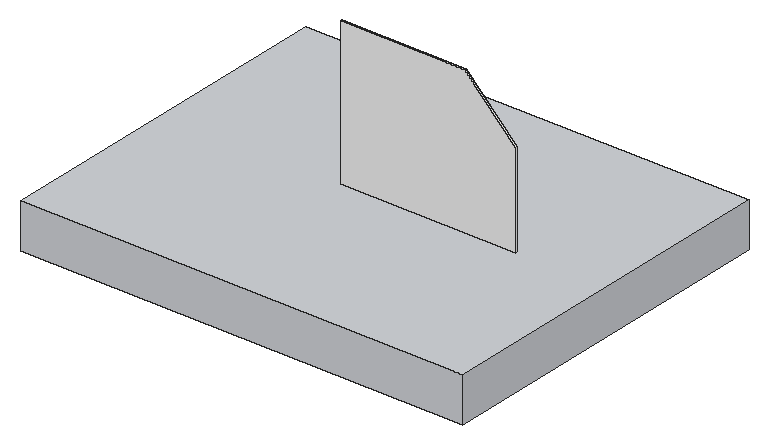
Revit family "M_Placa de gorjal-1 chanfro", category Conexões estruturais, Revit 2019
Family settings
  Hospedeiro = Face
  Material para o comportamento do modelo = Outros
  Número OmniClass = 23.20.40.11.21
  Título OmniClass = Mechanical Fasteners for Metal Structures
  ID de item do Seek = Gusset Plate-1 Bevel-0000-CAN-ENU
  Ativar corte em vistas = Não
  Corte com vazios quando carregada = Não
  Compartilhado = Não
Parameters (values of type "Padrão")
  Espessura [instance] = 10 mm
  Material da placa = Metal - Aço 345 MPa
  Comprimento do chanfro [instance] = 500 mm
  Comprimento [instance] = 1200 mm
  Altura [instance] = 1000 mm
  Altura 1 [instance] = Altura - (Comprimento do chanfro * cos(Ângulo))  # 646.447 mm
  Elevação-padrão = 1200 mm
  Comprimento 1 [instance] = Comprimento - (Comprimento do chanfro * sin(Ângulo))  # 846.447 mm
  Ângulo [instance] = 45.00°
Reference planes
  plane 1 "Centro (Frente/Trás)": y = 0
  plane 2: z = 0
  plane 3 "Centro (Esquerda/Direita)": x = 0
  plane 4: z = 1000
  plane 5: x = 1200
  plane 6: y = 5
  plane 7: y = -5
  plane 8: x = 0
  plane 9: x = 1200
Forms (mm)
  Extrusion 1, solid
    sketch origin (0, 0, 0) x (1, 0, 0) y (0, 1, 0)
      loop
        line (-1219.2, 1219.2) -> (-1219.2, -1219.2) -> (1809.6, -1219.2) -> (1809.6, 1219.2) -> (-1219.2, 1219.2)
    from 0 to -304.8
  Extrusion 2, solid, material "Metal - Aço 345 MPa" <- "Material da placa"
    sketch origin (59.98, 0, -41.813) x (1, 0, 0) y (0, 0, 1)
      loop
        line (-59.956, 1041.813) -> (-59.956, 41.813) -> (1139.996, 41.813) -> (1140.02, 688.26) -> (786.466, 1041.813) -> (-59.956, 1041.813)
    from -5 to 5
Lines and regions (mm)
  reference lines
    curve 1: line (0, 0, 0) -> (1000, 0, 1000)
Dimensions and locks
  "Altura": plane 4 to plane 2
  equal spacing: plane 7, plane 1 "Centro (Frente/Trás)", plane 6
  "Espessura": plane 7 to plane 6
  "Comprimento": plane 5 to plane 3 "Centro (Esquerda/Direita)"
  "Altura 1": Extrusion 2 sketch curve to Extrusion 2 sketch curve
  "Comprimento do chanfro": Extrusion 2 to Extrusion 2
  "Comprimento 1": Extrusion 2 sketch curve to plane 3 "Centro (Esquerda/Direita)"
  "Ângulo": angle plane 2 to curve 1
  aligned and locked: Extrusion 1 to plane 2
  aligned and locked: Extrusion 1 to level
  aligned and locked: plane 4 to Extrusion 2 sketch curve
  aligned and locked: Extrusion 2 sketch curve to plane 2
  aligned and locked: plane 6 to Extrusion 2
  aligned and locked: plane 7 to Extrusion 2
  aligned and locked: plane 4 to curve 1
  aligned and locked: plane 3 "Centro (Esquerda/Direita)" to curve 1
  aligned and locked: plane 2 to curve 1
  aligned and locked: level to plane 2
  aligned and locked: plane 3 "Centro (Esquerda/Direita)" to plane 8
  aligned and locked: plane 5 to plane 9
Automatic sketch dimensions
  Extrusion 2 sketch curve to plane 5 = 0.024 mm
  Extrusion 2 sketch curve to plane 5 = 0 mm
  plane 3 "Centro (Esquerda/Direita)" to Extrusion 2 sketch curve = 0.024 mm
  Extrusion 1 sketch curve to Extrusion 1 sketch curve = 3028.8 mm
  Extrusion 1 sketch curve to Extrusion 1 sketch curve = 2438.4 mm
